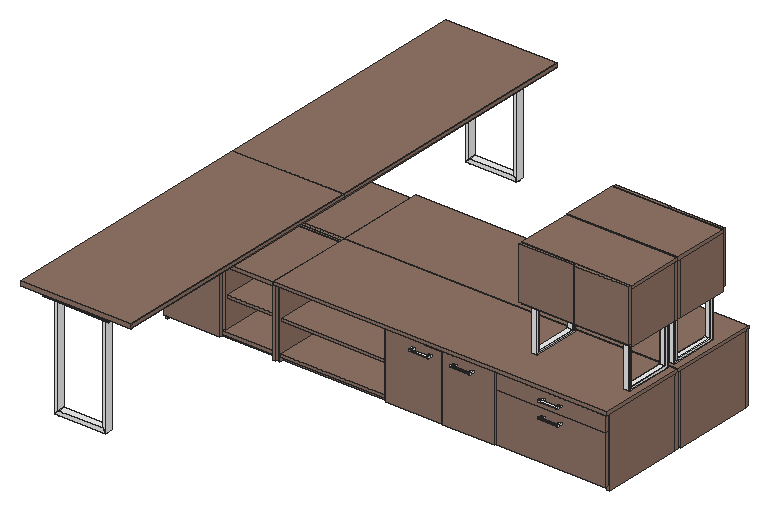
Revit family "VV021family", category Furniture, Revit 2015
Parameters
  Series = "Vision Veneer"
  Manufacturer = "JSI"
  Description = "VV021"
Reference planes (in)
  plane 1 "Center Front/Back": y = 0
  plane 2: z = 0
  plane 3 "Center Left/Right": x = 0
Dimensions and locks (in)
  aligned and locked: level to plane 2
Nested families (in)
  nested 1: "JSI-Vision-Rectangle_Desk_Top" at (-0.2913756, -0.1661543, -0.9857244) x (0, 1, 0) z (0, 0, 1), type "VV3072MCT, Laminate Rectangular Desk Top, 30" x 72""
  nested 2: "JSI-Vision-U_Base_for_Peninsula_Tops" at (14.7555637, 69.3338457, 0) x (0, 1, 0) z (0, 0, 1), type "18US, Stardust Silver U Base for Peninsula Tops, use with 30” deep tops"
  nested 3: "JSI-Vision-Rectangle_Desk_Top" at (-0.2913756, -0.1661543, -0.9857244) x (0, -1, 0) z (0, 0, 1), type "VV3072MCT, Laminate Rectangular Desk Top, 30" x 72""
  nested 4: "JSI-Vision-U_Base_for_Peninsula_Tops" at (14.7555637, -69.6661543, 0) x (0, -1, 0) z (0, 0, 1), type "18US, Stardust Silver U Base for Peninsula Tops, use with 30” deep tops"
  nested 5: "JSI-Vision_Bench_Height_T_Sup" at (36.0171952, -10.9161543, 0), type "VVB1030TSP, Veneer 30  Bench Height T Supports"
    with Width 2' - 5 5/8"
  nested 6: "JSI-Vision_Bench_Height_T_Sup" at (36.0171952, 10.5838457, 0), type "VVB1030TSP, Veneer 30  Bench Height T Supports"
    with Width 2' - 5 5/8"
  nested 7: "JSI-Vision-90_Bench_Configuration" at (29.9530607, 23.7088457, 0), type "VVB-30BF30HD30OS, Veneer 90"W Mod Bnch BF/HD/OS"
    with BF-R no, BF-L yes
  nested 8: "JSI-Vision-90_Bench_Configuration" at (29.9530607, -0.1661543, 0), type "VVB-30OS30HD30BF, Veneer 90"W Mod Bnch OS/HD/BF"
  nested 9: "JSI-Vision-Sld_Door_Modular_Bench_Ped" at (-0.0469393, -0.1661543, 0), type "VVB2430MSD, Veneer Sld Door Modular Bench H Ped"
    with Depth 2' - 0"
  nested 10: "JSI-Vision-Sld_Door_Modular_Bench_Ped" at (-0.0469393, -0.1661543, 0), type "VVB2430MSD, Veneer Sld Door Modular Bench H Ped"
    with Depth 2' - 0"
  nested 11: "JSI-Vision-OH_Cab-27_Post" at (89.9073175, -0.1661543, -10.371782), type "VV1630PSHD-27, Veneer 27"H Post Support Overhead Cab. 16" x 30", 2 Doors"
  nested 12: "JSI-Vision-OH_Cab-27_Post" at (89.9073175, -0.1661543, -10.371782), type "VV1630PSHD-27, Veneer 27"H Post Support Overhead Cab. 16" x 30", 2 Doors"
Definition of nested family "JSI-Vision-Rectangle_Desk_Top"
  Parameters (values of type "VL3072MCT, Laminate Rectangular Desk Top, 30" x 72"")
    Worksurface = none
    Width = 6' - 0"
    URL = "www.jsifurniture.com"
    Type Comments = ""
    Series = "VISION CASEGOODS"  # constant formula
    Model = "VL3072MCT"
    Material = ""
    Manufacturer = "JSI"  # constant formula
    Keynote = "12500"
    JSI Enviromental Website = "http://www.jsifurniture.com/jsi_sustainability_intro.php"
    Height = 2' - 6"
    Description = "Laminate Modular Rectangular Desk Top, 30\" x 72\""
    Depth = 2' - 6"
    Assembly Code = "E2020200"
  Reference planes (in)
    plane 1 "Center Front/Back": y = 0
    plane 2: z = 0
    plane 3 "Center Left/Right": x = 0
    plane 4: z = 0
    plane 5: x = 72
    plane 6: y = -30
    plane 7: z = 31.1875
    plane 8: z = 30
  Forms (in)
    Extrusion 1, solid, material <- "Worksurface"
      sketch origin (0, 0, 28) x (0, 1, 0) y (0, 0, 1)
        loop
          line (-29.8818899, 2) -> (0, 2) -> (0, 3.1875) -> (-29.8818897, 3.1875)
          arc (-29.8818897, 3.1875) -> (-29.9654063, 3.1529063) -> (-30, 3.0693897) r 0.1181103
          line (-30, 3.0693897) -> (-30, 2.1181101)
          arc (-30, 2.1181101) -> (-29.9654064, 2.0345936) -> (-29.8818899, 2) r 0.1181101
      from 0 to 72
  Lines and regions (in)
    symbolic lines
      curve 1: line (0, 0, 0) -> (72, 0, 0)
      curve 2: line (0, -30, 0) -> (0, 0, 0)
      curve 3: line (72, -30, 0) -> (0, -30, 0)
      curve 4: line (72, 0, 0) -> (72, -30, 0)
  Dimensions and locks (in)
    "Depth": plane 6 to plane 1 "Center Front/Back"
    "Width": plane 5 to plane 3 "Center Left/Right"
    locked: plane 7 to plane 8 at 1.1875
    "Height": plane 8 to level
    aligned and locked: level to plane 2
    aligned and locked: plane 5 to Extrusion 1
    aligned and locked: curve 1 to Extrusion 1
    aligned and locked: curve 2 to Extrusion 1
    aligned and locked: curve 3 to plane 6
    aligned and locked: curve 4 to plane 5
    aligned and locked: Extrusion 1 to plane 8
    aligned and locked: Extrusion 1 to plane 7
  Automatic sketch dimensions
    Extrusion 1 sketch curve to plane 6 = 0' - 0"
    level to Extrusion 1 sketch curve = 2' - 6"
    Extrusion 1 sketch curve to plane 7 = 0' - 0"
    Extrusion 1 sketch curve to plane 1 "Center Front/Back" = 0' - 0"
    Extrusion 1 sketch curve to Extrusion 1 sketch curve = 0' - 0.11811"
    plane 6 to Extrusion 1 sketch curve = 0' - 0.11811"
Definition of nested family "JSI-Vision-U_Base_for_Peninsula_Tops"
  Parameters (values of type "U Base for Peninsula Tops - Type Catalog Family")
    Width = 0' - 0"
    URL = "www.jsifurniture.com"
    Type Comments = ""
    Series = "VISION CASEGOODS"  # constant formula
    Model = "18US"
    Material = ""
    Manufacturer = "JSI"  # constant formula
    Keynote = "12500"
    JSI Enviromental Website = "http://www.jsifurniture.com/jsi_sustainability_intro.php"
    Height = 2' - 6"
    Glides = none
    Base Finish = none
    Description = "U Base for Peninsula Tops, use with 30” deep tops, 18US - Stardust Silver"
    Depth-Base = 1' - 6"
    Depth = 0' - 0"
    Assembly Code = "E2020200"
  Reference planes (in)
    plane 1 "Center Front/Back": y = 0
    plane 2: z = 0
    plane 3 "Center Left/Right": x = 0
    plane 4: z = 0
    plane 5: z = 30
    plane 6: x = -2.5
    plane 7: x = 2.5
    plane 8: y = 9
    plane 9: y = -9
  Forms (in)
    Extrusion 1, solid, material <- "Base Finish"
      sketch origin (0, 0, 0) x (1, 0, 0) y (0, 1, 0)
        loop
          line (-2.5, 9) -> (-2.5, -9) -> (2.5, -9) -> (2.5, 9) -> (-2.5, 9)
      from 28.5788029 to 28.8125
    Extrusion 2, solid, material <- "Base Finish"
      sketch origin (0, 0, -0.285264) x (0, 1, 0) y (0, 0, 1)
        loop
          line (-7, 28.8640668) -> (-7, 0.5463125) -> (-6, 1.5463125) -> (-6, 28.8640668) -> (-7, 28.8640668)
        loop
          line (7, 28.8640668) -> (6, 28.8640668) -> (6, 1.5463125) -> (7, 0.5463125) -> (7, 28.8640668)
        loop
          line (-7, 0.535264) -> (7, 0.535264) -> (6, 1.535264) -> (-6, 1.535264) -> (-7, 0.535264)
      from -1 to 1
    Extrusion 3, solid, material <- "Glides", detail levels medium+fine
      sketch origin (0, 0, 0) x (1, 0, 0) y (0, 1, 0)
        loop
          circle (0, 6) r 0.75
      from 0 to 0.25
    Extrusion 4, solid, material <- "Glides", detail levels medium+fine
      sketch origin (0, 0, 0) x (1, 0, 0) y (0, 1, 0)
        loop
          circle (0, -6) r 0.75
      from 0 to 0.25
  Lines and regions (in)
    symbolic lines
      curve 1: line (-2.5, 9, 0) -> (2.5, 9, 0)
      curve 2: line (-2.5, -9, 0) -> (-2.5, 9, 0)
      curve 3: line (2.5, -9, 0) -> (-2.5, -9, 0)
      curve 4: line (2.5, 9, 0) -> (2.5, -9, 0)
      curve 5: line (-1, 7, 0) -> (1, 7, 0)
      curve 6: line (-1, -7, 0) -> (-1, 7, 0)
      curve 7: line (1, -7, 0) -> (-1, -7, 0)
      curve 8: line (1, 7, 0) -> (1, -7, 0)
  Dimensions and locks (in)
    "Height": plane 5 to plane 4
    "Depth-Base": plane 9 to plane 8
    equal spacing: plane 9, plane 1 "Center Front/Back", plane 8
    equal spacing: Extrusion 2, plane 3 "Center Left/Right", Extrusion 2
    Extrusion 2 to Extrusion 2 = 0' - 2"
    locked: plane 8 to Extrusion 2 at 2
    locked: plane 9 to Extrusion 2 at 2
    locked: Extrusion 2 to Extrusion 2 at 1  (x2)
    level to Extrusion 2 = 0' - 0 1/4"
    aligned and locked: level to plane 2
    aligned and locked: plane 8 to Extrusion 1
    aligned and locked: plane 9 to Extrusion 1
    aligned and locked: plane 6 to Extrusion 1  (x2)
    aligned and locked: plane 7 to Extrusion 1  (x2)
    aligned and locked: Extrusion 4 to Extrusion 2
    aligned and locked: Extrusion 3 to Extrusion 2
    aligned and locked: Extrusion 3 to level
    aligned and locked: Extrusion 4 to level
    aligned and locked: Extrusion 2 to Extrusion 1  (x2)
    aligned and locked: curve 1 to Extrusion 1
    aligned and locked: curve 2 to Extrusion 1
    aligned and locked: curve 3 to Extrusion 1
    aligned and locked: curve 4 to Extrusion 1
    aligned and locked: curve 5 to Extrusion 2
    aligned and locked: curve 6 to Extrusion 2
    aligned and locked: curve 7 to Extrusion 2
    aligned and locked: curve 8 to Extrusion 2
  Automatic sketch dimensions
    Extrusion 1 sketch curve to plane 6 = 0' - 0"
    Extrusion 1 sketch curve to plane 7 = 0' - 0"
    plane 9 to Extrusion 1 sketch curve = 0' - 0"
    Extrusion 1 sketch curve to plane 8 = 0' - 0"
    Extrusion 2 sketch curve to Extrusion 2 sketch curve = 0' - 0"  (x4)
    level to Extrusion 2 sketch curve = 0' - 0 1/4"
    Extrusion 2 sketch curve to Extrusion 2 sketch curve = 0' - 0.01105"  (x4)
    Extrusion 2 sketch curve to Extrusion 2 sketch curve = 0' - 0.98895"
    Extrusion 2 sketch curve to plane 5 = 0' - 1.4212"  (x2)
    Extrusion 3 sketch curve to plane 3 "Center Left/Right" = 0' - 0"
    Extrusion 4 sketch curve to plane 3 "Center Left/Right" = 0' - 0"
    Extrusion 2 sketch curve to plane 9 = 0' - 3"
    Extrusion 2 sketch curve to Extrusion 2 sketch curve = 0' - 1"  (x2)
    plane 9 to Extrusion 4 sketch curve = 0' - 3"
    Extrusion 2 sketch curve to plane 8 = 0' - 3"
    Extrusion 3 sketch curve to plane 8 = 0' - 3"
    curve 3 to plane 6 = 0' - 0"
    radius of Extrusion 3 sketch curve = 0' - 0 3/4"
    radius of Extrusion 4 sketch curve = 0' - 0 3/4"
Definition of nested family "JSI-Vision_Bench_Height_T_Sup"
  Parameters (values of type "Bench Height T Support - Type Catalog Family")
    Chassis = none
    Width = 1' - 11 5/8"
    URL = "www.jsifurniture.com"
    Type Comments = ""
    Series = "VISION CASEGOODS"  # constant formula
    Model = "VLB1024TSP"
    Material = ""
    Manufacturer = "JSI"  # constant formula
    Keynote = "12500"
    JSI Enviromental Website = "http://www.jsifurniture.com/jsi_sustainability_intro.php"
    Height = 0' - 8 5/16"
    Grommet Finish = none
    Description = "Bench Height \"T\" Supports, Depth 9 3/4\"”, Width 23 5/8\"”,Height 8 5/16\"”, Laminate Worksurface"
    Depth = 0' - 9 3/4"
    Assembly Code = "E2020200"
  Reference planes (in)
    plane 1: z = 0
    plane 2 "Center (Left/Right)": x = -36.0641344
    plane 3: z = 8.3125
    plane 4: y = 1
    plane 5 "Center (Front/Back)": y = 10.75
    plane 6: x = -24.2516344
    plane 7: x = -12.4391344
    plane 8: z = 6.9211195
    plane 9: y = 10
    plane 10: y = 8
    plane 11: z = 6.875
    plane 12: x = -23.8766344
    plane 13: x = -24.6266344
  Forms (in)
    Extrusion 1, solid, material <- "Chassis"
      sketch origin (0, 10.75, 0) x (1, 0, 0) y (0, 0, 1)
        loop
          line (-36.0641344, 8.3125) -> (-36.0641344, 0) -> (-12.4391344, 0) -> (-12.4391344, 8.3125) -> (-22.2719669, 8.3125) -> (-22.2719669, 7.1711195)
          arc (-22.2719669, 7.1711195) -> (-22.3451902, 6.9943428) -> (-22.5219669, 6.9211195) r 0.25
          line (-22.5219669, 6.9211195) -> (-25.981302, 6.9211195)
          arc (-25.981302, 6.9211195) -> (-26.1580787, 6.9943428) -> (-26.231302, 7.1711195) r 0.25
          line (-26.231302, 7.1711195) -> (-26.231302, 8.3125) -> (-36.0641344, 8.3125)
      from 0 to 0.75
    Extrusion 2, solid, material <- "Chassis"
      sketch origin (-36.0641344, 0, 0) x (0, 1, 0) y (0, 0, 1)
        loop
          line (10, 6.875) -> (8.25, 6.875)
          arc (8.25, 6.875) -> (8.0732233, 6.9482233) -> (8, 7.125) r 0.25
          line (8, 7.125) -> (8, 8.3125) -> (1, 8.3125) -> (1, 0) -> (10, 0) -> (10, 6.875)
      from 11.4375 to 12.1875
  Lines and regions (in)
    symbolic lines
      curve 1: line (-12.4391344, 10.75, 0) -> (-36.0641344, 10.75, 0)
      curve 2: line (-36.0641344, 10.75, 0) -> (-36.0641344, 10, 0)
      curve 3: line (-36.0641344, 10, 0) -> (-12.4391344, 10, 0)
      curve 4: line (-12.4391344, 10, 0) -> (-12.4391344, 10.75, 0)
      curve 5: line (-24.6266344, 10, 0) -> (-24.6266344, 1, 0)
      curve 6: line (-23.8766344, 1, 0) -> (-23.8766344, 10, 0)
      curve 7: line (-24.6266344, 1, 0) -> (-23.8766344, 1, 0)
  Dimensions and locks (in)
    "Height": plane 3 to level
    "Depth": plane 5 "Center (Front/Back)" to plane 4
    equal spacing: plane 2 "Center (Left/Right)", plane 6, plane 7
    "Width": plane 2 "Center (Left/Right)" to plane 7
    locked: plane 3 to plane 8 at 1.3913805
    locked: plane 5 "Center (Front/Back)" to plane 9 at 0.75
    locked: plane 3 to plane 11 at 1.4375
    locked: plane 5 "Center (Front/Back)" to plane 10 at 2.75
    plane 12 to plane 6 to plane 13 = 0' - 0 3/8" locked, 0' - 0 3/8" locked
    Extrusion 1 sketch curve to plane 6 to Extrusion 1 sketch curve = 0' - 1.97967" locked, 0' - 1.97967" locked
    locked: nested 1 to plane 6 at 1.8900002
    aligned and locked: level to plane 1
    aligned and locked: plane 8 to Extrusion 1 sketch curve
    aligned and locked: plane 3 to Extrusion 1 sketch curve
    aligned and locked: Extrusion 1 sketch curve to plane 3
    aligned and locked: Extrusion 1 sketch curve to plane 2 "Center (Left/Right)"
    aligned and locked: Extrusion 1 sketch curve to plane 7
    aligned and locked: Extrusion 1 sketch curve to level
    aligned and locked: Extrusion 1 to plane 9
    aligned and locked: Extrusion 1 to plane 5 "Center (Front/Back)"
    aligned and locked: Extrusion 2 sketch curve to plane 9
    aligned and locked: Extrusion 2 sketch curve to plane 3
    aligned and locked: plane 4 to Extrusion 2 sketch curve
    aligned and locked: level to Extrusion 2 sketch curve
    aligned and locked: Extrusion 2 sketch curve to plane 10
    aligned and locked: Extrusion 2 sketch curve to plane 11
    aligned and locked: plane 12 to Extrusion 2
    aligned and locked: Extrusion 2 to plane 13
    aligned and locked: curve 1 to Extrusion 1
    aligned and locked: curve 2 to Extrusion 1
    aligned and locked: curve 3 to Extrusion 1
    aligned and locked: curve 4 to Extrusion 1
    aligned and locked: curve 5 to Extrusion 2
    aligned and locked: curve 6 to Extrusion 2
    aligned and locked: curve 7 to Extrusion 2
    aligned and locked: plane 3 to nested 1
  Automatic sketch dimensions
    Extrusion 2 sketch curve to Extrusion 2 sketch curve = 0' - 0 1/4"
    Extrusion 1 sketch curve to Extrusion 1 sketch curve = 0' - 0 1/4"  (x2)
    curve 1 to plane 2 "Center (Left/Right)" = 0' - 0"
    plane 5 "Center (Front/Back)" to curve 1 = 0' - 0"
    curve 1 to plane 7 = 0' - 0"
    curve 2 to plane 9 = 0' - 0"
    curve 5 to plane 13 = 0' - 0"
    curve 6 to plane 4 = 0' - 0"
    curve 6 to plane 12 = 0' - 0"
  Nested families (in)
    nested 1: "Side Grommet" at (-24.2516344, 10.7500008, 6.9036998) x (0, -1, 0) z (0, 0, 1), Gromett Finish <- "Grommet Finish", type "Side Grommet"
      with Gromett Finish none
  Definition of nested family "Side Grommet"
    Parameters
      Gromett Finish [instance] = none
    Reference planes (in)
      plane 1 "Center Front/Back": y = 0
      plane 2: z = 0
      plane 3 "Center Left/Right": x = 0
      plane 4: x = -0.0499992
      plane 5: x = 0.8125
    Forms (in)
      Sweep 1, solid, material <- "Gromett Finish"
        path origin (0, 0, 0) x (0, 1, 0) y (0, 0, 1)
          loop
            line (2.0937501, 1.4088002) -> (2.0937501, 0.2762508)
            arc (2.0937501, 0.2762508) -> (1.9853793, 0.0146207) -> (1.7237492, -0.09375) r 0.3700008
            line (1.7237492, -0.09375) -> (-1.7237501, -0.09375)
            arc (-1.7237501, -0.09375) -> (-1.9853796, 0.0146205) -> (-2.0937501, 0.27625) r 0.37
            line (-2.0937501, 0.27625) -> (-2.0937501, 1.4088002)
        profile origin (0, 2.0937501, 0.8425255) x (1, 0, 0) y (0, 1, 0)
          loop
            arc (0, 0) -> (-0.0352472, -0.0135301) -> (-0.0499992, -0.0482837) r 0.0483131
            line (-0.0499992, -0.0482837) -> (-0.0499992, -0.2037499) -> (0, -0.2037499) -> (0, 0)
      Extrusion 2, solid, material <- "Gromett Finish"
        sketch origin (0, 0, 0) x (0, 1, 0) y (0, 0, 1)
          loop
            line (1.8743999, 1.2994499) -> (-1.87435, 1.2994499) -> (-1.87435, 0.3095608)
            arc (-1.87435, 0.3095608) -> (-1.8194325, 0.1769783) -> (-1.68685, 0.1220608) r 0.1875
            line (-1.68685, 0.1220608) -> (-1.37435, 0.1220608) -> (-1.37435, 0.8720055)
            arc (-1.37435, 0.8720055) -> (-1.3377384, 0.9603938) -> (-1.2493501, 0.9970054) r 0.125
            line (-1.2493501, 0.9970054) -> (1.2493999, 0.9970054)
            arc (1.2493999, 0.9970054) -> (1.3377883, 0.9603938) -> (1.3743999, 0.8720054) r 0.1250001
            line (1.3743999, 0.8720054) -> (1.3743999, 0.1220608) -> (1.6868999, 0.1220608)
            arc (1.6868999, 0.1220608) -> (1.8194824, 0.1769783) -> (1.8743999, 0.3095608) r 0.1875
            line (1.8743999, 0.3095608) -> (1.8743999, 1.2994499)
          loop
            line (1.3504, 0.1220608) -> (1.3504, 0.8720608)
            arc (1.3504, 0.8720608) -> (1.3208178, 0.9434785) -> (1.2494001, 0.9730606) r 0.1009998
            line (1.2494001, 0.9730606) -> (-1.2493501, 0.9730606)
            arc (-1.2493501, 0.9730606) -> (-1.3207677, 0.9434785) -> (-1.3503499, 0.8720608) r 0.1009998
            line (-1.3503499, 0.8720608) -> (-1.3503499, 0.1220608) -> (-0.2499752, 0.1220608) -> (-0.2499752, 0.3720608)
            arc (-0.2499752, 0.3720608) -> (0.0000249, 0.6220609) -> (0.250025, 0.3720608) r 0.2500001
            line (0.250025, 0.3720608) -> (0.250025, 0.1220608) -> (1.3504, 0.1220608)
        from -0.0499992 to 0
      Extrusion 3, solid, material <- "Gromett Finish"
        sketch origin (0, 0, 0) x (0, 1, 0) y (0, 0, 1)
          loop
            line (-1.8900002, 1.4088002) -> (-1.8900002, 1.3150502) -> (1.8900002, 1.3150502) -> (1.8900002, 1.4088002) -> (-1.8900002, 1.4088002)
        from -0.0499992 to 0.8125
    Dimensions and locks (in)
      aligned and locked: level to plane 2
      aligned and locked: plane 4 to Sweep 1
      aligned and locked: plane 4 to Extrusion 2
      aligned and locked: plane 3 "Center Left/Right" to Extrusion 2
      aligned and locked: Sweep 1 to Extrusion 3 sketch curve
      aligned and locked: Extrusion 3 sketch curve to Sweep 1
      aligned and locked: plane 4 to Extrusion 3
      aligned and locked: Extrusion 3 to plane 5
Definition of nested family "JSI-Vision-90_Bench_Configuration"
  Parameters (values of type "VLB-30OS30HD30BF, Laminate 90"W Mod Bnch OS/HD/BF")
    Width = 7' - 6"
    URL = "www.jsifurniture.com"
    Top = none
    Tag = "OS-HD-BF"
    Shelf Height = 0' - 8.48844"
    Series = "VISION CASEGOODS"  # constant formula
    Sdr-R = no
    Sdr-L = no
    Sdr-C = yes
    Pull Finish = none
    Model = "VLB-30OS30HD30BF"
    Manufacturer = "JSI"  # constant formula
    Keynote = "12500"
    JSI Enviromental Website = "http://www.jsifurniture.com/jsi_sustainability_intro.php"
    Height = 1' - 7 1/2"
    F-R = no
    F-L = no
    F-C = no
    Drawer Front = none
    Door-R = no
    Door-C = yes
    Door Front = none
    Door-L = no
    Description = "90\"W Modular Bench Height, OS/HD/BF"
    Depth = 2' - 0"
    Chassis = none
    BF-R = yes
    BF-L = no
    Assembly Code = "E2020200"
  Types (2): name | Tag | Model | Description | BF-R | BF-L
    VLB-30OS30HD30BF, Laminate 90"W Mod Bnch OS/HD/BF | "OS-HD-BF" | "VLB-30OS30HD30BF" | "90\"W Modular Bench Height, OS/HD/BF" | yes | no
    VLB-30BF30HD30OS, Laminate 90"W Mod Bnch BF/HD/OS | "BF-HD-OS" | "VLB-30BF30HD30OS" | "90\"W Modular Bench Height, BF/HD/OS" | no | yes
  Reference planes (in)
    plane 1 "Center Front/Back": y = 0
    plane 2: z = 0
    plane 3 "Center Left/Right": x = 0
    plane 4: x = 90
    plane 5: x = 0.1871643
    plane 6: x = 89.8124352
    plane 7: z = 10.425935
    plane 8: z = 19.5
    plane 9: x = 0.75
    plane 10: x = 89.125999
    plane 11: y = -0.8125
    plane 12: y = -23.25
    plane 13: x = 30
    plane 14: z = 18.75
    plane 15: z = 18.6409016
    plane 16: z = 9.675935
    plane 17: z = 1.9374999
    plane 18: z = 1.1874999
    plane 19: y = -23
    plane 20: y = -24
    plane 21: x = 29.25
    plane 22: y = -21.1875
    plane 23: y = -21.9375
    plane 24: z = 1
    plane 25: z = 16.6409016
    plane 26: z = 12.3909016
    plane 27: x = 14.9685822
    plane 28: x = 30.75
    plane 29: x = 29.75
    plane 30: x = 60.25
    plane 31: z = 13.625
    plane 32: z = 11.625
    plane 33: x = 75.0312176
    plane 34: x = 14.8435822
    plane 35: x = 15.0935822
    plane 36: x = 9.3435822
    plane 37: x = 20.5935822
    plane 38: x = 75.1564178
    plane 39: x = 74.9064178
    plane 40: x = 80.6564178
    plane 41: x = 69.4064178
    plane 42: y = -22.75
    plane 43: y = -22.875
    plane 44: x = 60
    plane 45: x = 60.75
    plane 46: x = 59.25
    plane 47: x = 60.25
    plane 48: x = 45.6350365
    plane 49: x = 40.0100365
    plane 50: x = 51.2600365
    plane 51: x = 45.5100365
    plane 52: x = 45.7600365
    plane 53: x = 30.25
    plane 54: x = 59.75
  Forms (in)
    Extrusion 1, solid, material <- "Chassis"
      sketch origin (0, 0, 0) x (1, 0, 0) y (0, 1, 0)
        loop
          line (0, 0) -> (0, -0.8125) -> (90, -0.8125) -> (90, 0) -> (0, 0)
      from 0 to 18.75
    Extrusion 2, solid, material <- "Chassis"
      sketch origin (0.125, -0.1875, 48) x (0, 1, 0) y (0, 0, 1)
        loop
          line (-0.625, -29.25) -> (-22.6875, -29.25) -> (-22.6875, -48) -> (-0.625, -48) -> (-0.625, -29.25)
      from -0.125 to 0.625
    Extrusion 3, solid, material <- "Chassis"
      sketch origin (29.875, -0.1875, 48) x (0, 1, 0) y (0, 0, 1)
        loop
          line (-0.625, -29.25) -> (-22.6875, -29.25) -> (-22.6875, -48) -> (-0.625, -48) -> (-0.625, -29.25)
      from 59.250999 to 60.125
    Extrusion 4, solid, material <- "Chassis"
      sketch origin (0, 0, 0) x (1, 0, 0) y (0, 1, 0)
        loop
          line (0.75, -21.1875) -> (0.75, -21.9375) -> (89.125999, -21.9375) -> (89.125999, -21.1875) -> (0.75, -21.1875)
      from 0 to 1.1874999
    Extrusion 5, solid, material <- "Top"
      sketch origin (0, 0, 0) x (0, 1, 0) y (0, 0, 1)
        loop
          line (0, 18.75) -> (0, 19.5) -> (-24, 19.5) -> (-24, 18.75) -> (0, 18.75)
      from 0 to 90
    Extrusion 6, solid, material <- "Chassis"
      sketch origin (0, 0, 0) x (0, 1, 0) y (0, 0, 1)
        loop
          line (-0.8125, 18.1697085) -> (-0.8125, 18.75) -> (-23.25, 18.75) -> (-23.25, 18.1697085) -> (-0.8125, 18.1697085)
        loop
          line (-0.8125, 1.1874999) -> (-0.8125, 1.9374999) -> (-23, 1.9374999) -> (-23, 1.1874999) -> (-0.8125, 1.1874999)
      from 0.75 to 89.125999
    Extrusion 7, solid, material <- "Door Front", visible <- "Sdr-L"
      sketch origin (0, 0, 0) x (0, 1, 0) y (0, 0, 1)
        loop
          line (-23.25, 1) -> (-23.25, 18.6409016) -> (-24, 18.6409016) -> (-24, 1) -> (-23.25, 1)
      from 0.1871643 to 14.8435822
    Extrusion 8, solid, material <- "Chassis"
      sketch origin (0, 0, 0) x (0, 1, 0) y (0, 0, 1)
        loop
          line (-0.8125, 9.675935) -> (-0.8125, 10.425935) -> (-22.75, 10.425935) -> (-22.75, 9.675935) -> (-0.8125, 9.675935)
      from 0.75 to 29.25
    Extrusion 9, solid, material <- "Chassis"
      sketch origin (0, 0, 0) x (0, 1, 0) y (0, 0, 1)
        loop
          line (-0.8125, 18.1697085) -> (-23.25, 18.1697085) -> (-23.25, 1.9374999) -> (-0.8125, 1.9374999) -> (-0.8125, 18.1697085)
      from 29.25 to 30
    Extrusion 10, solid, material <- "Chassis"
      sketch origin (30, 0, 0) x (0, 1, 0) y (0, 0, -1)
        loop
          line (-0.8125, -9.675935) -> (-22.75, -9.675935) -> (-22.75, -10.425935) -> (-0.8125, -10.425935) -> (-0.8125, -9.675935)
      from -59.125999 to -30.75
    Extrusion 11, solid, material <- "Drawer Front", visible <- "BF-L"
      sketch origin (0, -24, 0.625) x (0, 0, 1) y (-1, 0, 0)
        loop
          line (18.0159016, -0.1871643) -> (13.8909016, -0.1871643) -> (13.8909016, -29.75) -> (18.0159016, -29.75) -> (18.0159016, -0.1871643)
        loop
          line (0.5624999, -0.1871643) -> (0.5624999, -29.75) -> (13.7659016, -29.75) -> (13.7659016, -0.1871643) -> (0.5624999, -0.1871643)
      from -0.75 to 0
    Extrusion 12, solid, material <- "Chassis"
      sketch origin (60, 0, 0) x (0, 1, 0) y (0, 0, -1)
        loop
          line (-0.8125, -18.1697085) -> (-0.8125, -1.9374999) -> (-23.25, -1.9374999) -> (-23.25, -18.1697085) -> (-0.8125, -18.1697085)
      from 29.25 to 30
    Extrusion 13, solid, material <- "Drawer Front", visible <- "BF-R"
      sketch origin (60, -24, 0.625) x (0, 0, 1) y (-1, 0, 0)
        loop
          line (18.0159016, -29.8124352) -> (18.0159016, -0.25) -> (13.8909016, -0.25) -> (13.8909016, -29.8124352) -> (18.0159016, -29.8124352)
        loop
          line (0.5624999, -29.8124352) -> (13.7659016, -29.8124352) -> (13.7659016, -0.25) -> (0.5624999, -0.25) -> (0.5624999, -29.8124352)
      from -0.75 to 0
    Extrusion 14, solid, material <- "Drawer Front", visible <- "F-L"
      sketch origin (0, -24, 0.625) x (0, 0, 1) y (-1, 0, 0)
        loop
          line (0.375, -0.1871643) -> (0.375, -29.75) -> (13, -29.75) -> (13, -0.1871643) -> (0.375, -0.1871643)
      from -0.75 to 0
    Extrusion 15, solid, material <- "Drawer Front", visible <- "F-R"
      sketch origin (60, -24, 0.625) x (0, 0, 1) y (-1, 0, 0)
        loop
          line (0.375, -29.8124352) -> (13, -29.8124352) -> (13, -0.25) -> (0.375, -0.25) -> (0.375, -29.8124352)
      from -0.75 to 0
    Extrusion 16, solid, material <- "Door Front", visible <- "Door-L"
      sketch origin (29.9371643, 0, 0) x (0, 1, 0) y (0, 0, -1)
        loop
          line (-23.25, -1) -> (-24, -1) -> (-24, -18.6409016) -> (-23.25, -18.6409016) -> (-23.25, -1)
      from 0.1871643 to 14.8435822
    Extrusion 17, solid, material <- "Door Front", visible <- "Door-R"
      sketch origin (60, 0, 0) x (0, 1, 0) y (0, 0, -1)
        loop
          line (-23.25, -1) -> (-24, -1) -> (-24, -18.6409016) -> (-23.25, -18.6409016) -> (-23.25, -1)
      from -29.8124352 to -15.1564178
    Extrusion 18, solid, material <- "Door Front", visible <- "Sdr-R"
      sketch origin (30.0628357, 0, 0) x (0, 1, 0) y (0, 0, 1)
        loop
          line (-23.25, 1) -> (-23.25, 18.6409016) -> (-24, 18.6409016) -> (-24, 1) -> (-23.25, 1)
      from 30.1871643 to 44.8435822
    Extrusion 19, solid, material <- "Chassis"
      sketch origin (90, 0, 0) x (0, 1, 0) y (0, 0, -1)
        loop
          line (-0.8125, -18.1697085) -> (-0.8125, -1.9374999) -> (-23.25, -1.9374999) -> (-23.25, -18.1697085) -> (-0.8125, -18.1697085)
      from 29.25 to 30
    Extrusion 20, solid, material <- "Chassis"
      sketch origin (30, 0, 0) x (0, 1, 0) y (0, 0, 1)
        loop
          line (-0.8125, 18.1697085) -> (-23.25, 18.1697085) -> (-23.25, 1.9374999) -> (-0.8125, 1.9374999) -> (-0.8125, 18.1697085)
      from 29.25 to 30
    Extrusion 21, solid, material <- "Chassis"
      sketch origin (90, 0, 0) x (0, 1, 0) y (0, 0, 1)
        loop
          line (-0.8125, 9.675935) -> (-0.8125, 10.425935) -> (-22.75, 10.425935) -> (-22.75, 9.675935) -> (-0.8125, 9.675935)
      from -59.25 to -30.75
    Extrusion 22, solid, material <- "Door Front", visible <- "Sdr-C"
      sketch origin (0, 0, 0) x (0, 1, 0) y (0, 0, 1)
        loop
          line (-23.25, 1) -> (-23.25, 18.6409016) -> (-24, 18.6409016) -> (-24, 1) -> (-23.25, 1)
      from 30.25 to 45.5100365
    Extrusion 23, solid, material <- "Door Front", visible <- "Door-C"
      sketch origin (29.9371643, 0, 0) x (0, 1, 0) y (0, 0, -1)
        loop
          line (-23.25, -1) -> (-24, -1) -> (-24, -18.6409016) -> (-23.25, -18.6409016) -> (-23.25, -1)
      from -29.8128357 to -15.8228722
    Extrusion 24, solid, material <- "Drawer Front", visible <- "F-C"
      sketch origin (30.2914543, -24, 0.625) x (0, 0, 1) y (-1, 0, 0)
        loop
          line (0.375, 0.0414543) -> (0.375, -29.4585457) -> (13, -29.4585457) -> (13, 0.0414543) -> (0.375, 0.0414543)
      from -0.75 to 0
  Lines and regions (in)
    symbolic lines
      curve 1: line (0, 0, 0) -> (90, 0, 0)
      curve 2: line (0, -23.875, 0) -> (0, 0, 0)
      curve 3: line (90, -23.875, 0) -> (0, -23.875, 0)
      curve 4: line (90, 0, 0) -> (90, -23.875, 0)
  Dimensions and locks (in)
    "Height": plane 8 to level
    plane 15 to plane 14 to plane 8 = 0' - 0.1091" locked, 0' - 0 3/4" locked
    plane 10 to plane 6 to plane 4 = 0' - 0.68644" locked, 0' - 0.18756" locked
    plane 3 "Center Left/Right" to plane 5 to plane 9 = 0' - 0.18716" locked, 0' - 0.56284" locked
    "Width": plane 3 "Center Left/Right" to plane 4
    locked: plane 1 "Center Front/Back" to plane 11 at 0.8125
    plane 17 to plane 18 to level = 0' - 0 3/4" locked, 0' - 1 3/16" locked
    "Depth": plane 1 "Center Front/Back" to plane 20
    locked: plane 24 to level at 1
    Extrusion 11 sketch curve to Extrusion 11 sketch curve to Extrusion 11 sketch curve to Extrusion 11 sketch curve = 0' - 4 1/8" locked, 0' - 0 1/8" locked, 1' - 1.2034" locked
    locked: plane 15 to plane 25 at 2
    Extrusion 13 sketch curve to Extrusion 13 sketch curve to Extrusion 13 sketch curve to Extrusion 13 sketch curve = 0' - 4 1/8" locked, 0' - 0 1/8" locked, 1' - 1.2034" locked
    locked: plane 7 to plane 16 at 0.75
    "Shelf Height": plane 7 to plane 17
    locked: Extrusion 14 sketch curve to Extrusion 11 at 12.4375001
    locked: plane 31 to plane 32 at 2
    equal spacing: plane 30, plane 33, plane 6
    plane 35 to plane 27 to plane 34 = 0' - 0 1/8" locked, 0' - 0 1/8" locked
    locked: plane 34 to plane 36 at 5.5
    locked: plane 35 to plane 37 at 5.5
    locked: plane 38 to plane 40 at 5.5
    locked: plane 39 to plane 41 at 5.5
    plane 38 to plane 33 to plane 39 = 0' - 0.1252" locked, 0' - 0.1248" locked
    equal spacing: plane 5, plane 27, plane 29
    plane 22 to plane 23 to plane 42 to plane 43 to plane 19 to plane 12 to plane 20 = 0' - 0 3/4" locked, 0' - 0 13/16" locked, 0' - 0 1/8" locked, 0' - 0 1/8" locked, 0' - 0 1/4" locked, 0' - 0 3/4" locked
    locked: plane 30 to plane 4 at 29.75
    locked: plane 29 to plane 3 "Center Left/Right" at 29.75
    equal spacing: plane 4, plane 44, plane 13, plane 3 "Center Left/Right"
    plane 52 to plane 48 to plane 51 = 0' - 0 1/8" locked, 0' - 0 1/8" locked
    locked: plane 51 to plane 49 at 5.5
    locked: plane 52 to plane 50 at 5.5
    locked: plane 13 to plane 53 at 0.25
    locked: plane 44 to plane 54 at 0.25
    aligned and locked: level to plane 2
    aligned and locked: Extrusion 1 sketch curve to plane 11
    aligned and locked: plane 11 to Extrusion 2 sketch curve
    aligned and locked: Extrusion 2 sketch curve to level
    aligned and locked: Extrusion 3 sketch curve to plane 11
    aligned and locked: level to Extrusion 3 sketch curve
    aligned and locked: plane 9 to Extrusion 4 sketch curve
    aligned and locked: plane 14 to Extrusion 1
    aligned and locked: Extrusion 1 to plane 1 "Center Front/Back"
    aligned and locked: plane 3 "Center Left/Right" to curve 2
    aligned and locked: Extrusion 1 to plane 3 "Center Left/Right"
    aligned and locked: plane 1 "Center Front/Back" to curve 1
    aligned and locked: plane 4 to Extrusion 1
    aligned and locked: curve 4 to plane 4
    aligned and locked: Extrusion 5 sketch curve to plane 1 "Center Front/Back"
    aligned and locked: plane 8 to Extrusion 5 sketch curve
    aligned and locked: Extrusion 5 sketch curve to plane 14
    aligned and locked: plane 11 to Extrusion 6 sketch curve  (x2)
    aligned and locked: plane 14 to Extrusion 6 sketch curve
    aligned and locked: Extrusion 6 sketch curve to plane 12
    aligned and locked: plane 17 to Extrusion 6 sketch curve
    aligned and locked: Extrusion 6 sketch curve to plane 18
    aligned and locked: Extrusion 3 to plane 10
    aligned and locked: plane 4 to Extrusion 3
    aligned and locked: plane 20 to nested 1
    aligned and locked: plane 4 to Extrusion 5
    aligned and locked: plane 18 to Extrusion 4
    aligned and locked: plane 22 to Extrusion 4
    aligned and locked: Extrusion 4 to plane 23
    aligned and locked: Extrusion 5 to plane 20
    aligned and locked: Extrusion 7 sketch curve to plane 15
    aligned and locked: plane 12 to Extrusion 7 sketch curve
    aligned and locked: Extrusion 7 sketch curve to plane 20
    aligned and locked: Extrusion 6 to plane 19
    aligned and locked: plane 11 to Extrusion 8 sketch curve
    aligned and locked: plane 7 to Extrusion 8 sketch curve
    aligned and locked: Extrusion 8 sketch curve to plane 16
    aligned and locked: Extrusion 8 to plane 9
    aligned and locked: Extrusion 8 to plane 21
    aligned and locked: Extrusion 6 to Extrusion 9 sketch curve
    aligned and locked: plane 17 to Extrusion 9 sketch curve
    aligned and locked: Extrusion 9 sketch curve to plane 11
    aligned and locked: plane 21 to Extrusion 9
    aligned and locked: Extrusion 10 to plane 7
    aligned and locked: plane 16 to Extrusion 10
    aligned and locked: plane 10 to Extrusion 10
    aligned and locked: plane 11 to Extrusion 10
    aligned and locked: Extrusion 10 to Extrusion 8
    aligned and locked: plane 10 to Extrusion 6
    aligned and locked: Extrusion 11 sketch curve to Extrusion 11 sketch curve  (x2)
    aligned and locked: plane 12 to Extrusion 11
    aligned and locked: Extrusion 11 to plane 20
    aligned and locked: plane 24 to Extrusion 7
    aligned and locked: plane 28 to Extrusion 12
    aligned and locked: plane 13 to Extrusion 12
    aligned and locked: plane 29 to Extrusion 11  (x4)
    aligned and locked: plane 5 to Extrusion 11
    aligned and locked: Extrusion 13 sketch curve to Extrusion 13 sketch curve  (x2)
    aligned and locked: plane 30 to Extrusion 13
    aligned and locked: Extrusion 13 to plane 6
    aligned and locked: plane 24 to Extrusion 14 sketch curve
    aligned and locked: Extrusion 14 sketch curve to plane 5
    aligned and locked: Extrusion 14 sketch curve to plane 29
    aligned and locked: plane 12 to Extrusion 14
    aligned and locked: Extrusion 14 to plane 20
    aligned and locked: Extrusion 9 to plane 13
    aligned and locked: plane 31 to Extrusion 14
    aligned and locked: nested 2 to plane 27
    aligned and locked: plane 25 to nested 2
    aligned and locked: nested 3 to plane 27
    aligned and locked: plane 26 to nested 3
    aligned and locked: plane 32 to nested 4
    aligned and locked: nested 4 to plane 27
    aligned and locked: nested 2 to plane 20
    aligned and locked: nested 3 to plane 20
    aligned and locked: nested 4 to plane 20
    aligned and locked: plane 33 to nested 5
    aligned and locked: plane 33 to nested 6
    aligned and locked: plane 33 to nested 7
    aligned and locked: plane 25 to nested 5
    aligned and locked: plane 26 to nested 6
    aligned and locked: plane 32 to nested 7
    aligned and locked: plane 20 to nested 5
    aligned and locked: plane 20 to nested 6
    aligned and locked: plane 20 to nested 7
    aligned and locked: Extrusion 7 to plane 34
    aligned and locked: plane 35 to Extrusion 16
    aligned and locked: Extrusion 16 to plane 15
    aligned and locked: plane 12 to Extrusion 16
    aligned and locked: Extrusion 16 to plane 20
    aligned and locked: plane 25 to nested 8
    aligned and locked: nested 8 to plane 36
    aligned and locked: nested 9 to plane 37
    aligned and locked: nested 9 to plane 25
    aligned and locked: nested 10 to plane 40
    aligned and locked: nested 11 to plane 41
    aligned and locked: Extrusion 18 to plane 39
    aligned and locked: plane 38 to Extrusion 17
    aligned and locked: plane 30 to Extrusion 18
    aligned and locked: Extrusion 17 to plane 6
    aligned and locked: Extrusion 17 to plane 15
    aligned and locked: plane 24 to Extrusion 17
    aligned and locked: plane 12 to Extrusion 17
    aligned and locked: Extrusion 17 to plane 20
    aligned and locked: plane 12 to Extrusion 18
    aligned and locked: Extrusion 18 to plane 20
    aligned and locked: Extrusion 18 to plane 15
    aligned and locked: plane 24 to Extrusion 18
    aligned and locked: plane 30 to Extrusion 15
    aligned and locked: Extrusion 15 to plane 6
    aligned and locked: plane 29 to Extrusion 16
    aligned and locked: Extrusion 9 to plane 12
    aligned and locked: Extrusion 12 to plane 12
    aligned and locked: Extrusion 8 to plane 42
    aligned and locked: Extrusion 2 to plane 43
    aligned and locked: Extrusion 3 to plane 43
    aligned and locked: plane 45 to Extrusion 19
    aligned and locked: plane 46 to Extrusion 20
    aligned and locked: Extrusion 20 to plane 44
    aligned and locked: plane 44 to Extrusion 19
    aligned and locked: Extrusion 10 to plane 45
    aligned and locked: Extrusion 21 to plane 28
    aligned and locked: Extrusion 21 to plane 46
    aligned and locked: plane 11 to Extrusion 21
    aligned and locked: Extrusion 21 to plane 42
    aligned and locked: Extrusion 21 to plane 7
    aligned and locked: nested 12 to plane 49
    aligned and locked: nested 13 to plane 50
    aligned and locked: Extrusion 22 to plane 51
    aligned and locked: plane 52 to Extrusion 23
    aligned and locked: plane 53 to Extrusion 22
    aligned and locked: plane 54 to Extrusion 23
    aligned and locked: plane 53 to Extrusion 24
    aligned and locked: plane 31 to Extrusion 24
    aligned and locked: Extrusion 24 to plane 24
    aligned and locked: plane 54 to Extrusion 24
    aligned and locked: nested 1 to plane 48
  Automatic sketch dimensions
    plane 20 to curve 4 = 0' - 0 1/8"
    Extrusion 1 sketch curve to plane 3 "Center Left/Right" = 0' - 0"
    Extrusion 1 sketch curve to plane 4 = 0' - 0"
    plane 1 "Center Front/Back" to Extrusion 1 sketch curve = 0' - 0"
    Extrusion 2 sketch curve to plane 14 = 0' - 0"
    Extrusion 2 sketch curve to plane 43 = 0' - 0"
    Extrusion 3 sketch curve to plane 14 = 0' - 0"
    Extrusion 3 sketch curve to plane 43 = 0' - 0"
    Extrusion 4 sketch curve to plane 10 = 0' - 0"
    Extrusion 4 sketch curve to plane 23 = 0' - 0"
    Extrusion 4 sketch curve to plane 22 = 0' - 0"
    Extrusion 5 sketch curve to plane 20 = 0' - 0"
    Extrusion 6 sketch curve to plane 19 = 0' - 0"
    plane 15 to Extrusion 6 sketch curve = 0' - 0.47119"
    Extrusion 7 sketch curve to plane 24 = 0' - 0"
    Extrusion 8 sketch curve to plane 42 = 0' - 0"
    Extrusion 9 sketch curve to plane 12 = 0' - 0"
    Extrusion 10 sketch curve to plane 16 = 0' - 0"
    Extrusion 10 sketch curve to plane 42 = 0' - 0"
    Extrusion 10 sketch curve to plane 7 = 0' - 0"
    Extrusion 10 sketch curve to plane 11 = 0' - 0"
    plane 5 to Extrusion 11 sketch curve = 0' - 0"
    Extrusion 11 sketch curve to plane 18 = 0' - 0"
    Extrusion 11 sketch curve to plane 29 = 0' - 0"
    Extrusion 12 sketch curve to plane 12 = 0' - 0"
    Extrusion 12 sketch curve to plane 11 = 0' - 0"
    Extrusion 12 sketch curve to plane 17 = 0' - 0"
    plane 15 to Extrusion 12 sketch curve = 0' - 0.47119"
    plane 6 to Extrusion 13 sketch curve = 0' - 0"
    Extrusion 13 sketch curve to plane 18 = 0' - 0"
    plane 30 to Extrusion 13 sketch curve = 0' - 0"
    Extrusion 11 to Extrusion 15 sketch curve = 0' - 0 3/16"
    Extrusion 15 sketch curve to Extrusion 11 = 0' - 0.7659"
    Extrusion 11 to Extrusion 15 sketch curve = 5' - 0.06244"
    Extrusion 15 sketch curve to Extrusion 15 sketch curve = 2' - 5.56244"
    Extrusion 16 sketch curve to plane 20 = 0' - 0"
    Extrusion 16 sketch curve to plane 12 = 0' - 0"
    plane 15 to Extrusion 16 sketch curve = 0' - 0"
    plane 24 to Extrusion 16 sketch curve = 0' - 0"
    Extrusion 17 sketch curve to plane 20 = 0' - 0"
    Extrusion 17 sketch curve to plane 12 = 0' - 0"
    plane 15 to Extrusion 17 sketch curve = 0' - 0"
    plane 24 to Extrusion 17 sketch curve = 0' - 0"
    Extrusion 18 sketch curve to plane 20 = 0' - 0"
    Extrusion 18 sketch curve to plane 12 = 0' - 0"
    Extrusion 18 sketch curve to plane 24 = 0' - 0"
    plane 15 to Extrusion 18 sketch curve = 0' - 0"
    Extrusion 19 sketch curve to plane 12 = 0' - 0"
    Extrusion 19 sketch curve to plane 11 = 0' - 0"
    Extrusion 19 sketch curve to plane 17 = 0' - 0"
    plane 15 to Extrusion 19 sketch curve = 0' - 0.47119"
    Extrusion 20 sketch curve to plane 12 = 0' - 0"
    Extrusion 20 sketch curve to plane 11 = 0' - 0"
    Extrusion 20 sketch curve to plane 17 = 0' - 0"
    plane 15 to Extrusion 20 sketch curve = 0' - 0.47119"
    Extrusion 21 sketch curve to plane 16 = 0' - 0"
    Extrusion 21 sketch curve to plane 42 = 0' - 0"
    plane 7 to Extrusion 21 sketch curve = 0' - 0"
    Extrusion 21 sketch curve to plane 11 = 0' - 0"
    Extrusion 22 sketch curve to plane 20 = 0' - 0"
    Extrusion 22 sketch curve to plane 12 = 0' - 0"
    Extrusion 22 sketch curve to plane 24 = 0' - 0"
    plane 15 to Extrusion 22 sketch curve = 0' - 0"
    Extrusion 23 sketch curve to plane 20 = 0' - 0"
    Extrusion 23 sketch curve to plane 12 = 0' - 0"
    plane 15 to Extrusion 23 sketch curve = 0' - 0"
    plane 24 to Extrusion 23 sketch curve = 0' - 0"
    Extrusion 11 to Extrusion 24 sketch curve = 0' - 0 3/16"
    Extrusion 24 sketch curve to Extrusion 11 = 0' - 0.7659"
    Extrusion 11 to Extrusion 24 sketch curve = 2' - 6"
    Extrusion 11 to Extrusion 24 sketch curve = 0' - 0 1/2"
  Nested families (in)
    nested 1: "Label 1-16" at (45.6350365, -24, 0), type "DRWCFG"
    nested 2: "Bar Pull" at (14.9685822, -24, 16.6409016), Pull Finish <- "Pull Finish", visible <- "BF-L", type "PL"
      with Pull Finish none
    nested 3: "Bar Pull" at (14.9685822, -24, 12.3909016), Pull Finish <- "Pull Finish", visible <- "BF-L", type "PL"
      with Pull Finish none
    nested 4: "Bar Pull" at (14.9685822, -24, 11.625), Pull Finish <- "Pull Finish", visible <- "F-L", type "PL"
      with Pull Finish none
    nested 5: "Bar Pull" at (75.0312176, -24, 16.6409016) x (-1, 0, 0) z (0, 0, 1), Pull Finish <- "Pull Finish", visible <- "BF-R", type "PL"
      with Pull Finish none
    nested 6: "Bar Pull" at (75.0312176, -24, 12.3909016) x (-1, 0, 0) z (0, 0, 1), Pull Finish <- "Pull Finish", visible <- "BF-R", type "PL"
      with Pull Finish none
    nested 7: "Bar Pull" at (75.0312176, -24, 11.625) x (-1, 0, 0) z (0, 0, 1), Pull Finish <- "Pull Finish", visible <- "F-R", type "PL"
      with Pull Finish none
    nested 8: "Bar Pull" at (9.3435822, -24, 16.6409016), Pull Finish <- "Pull Finish", visible <- "Sdr-L", type "PL"
      with Pull Finish none
    nested 9: "Bar Pull" at (20.5935822, -24, 16.6409016) x (-1, 0, 0) z (0, 0, 1), Pull Finish <- "Pull Finish", visible <- "Door-L", type "PL"
      with Pull Finish none
    nested 10: "Bar Pull" at (80.6564178, -24, 16.6409016) x (-1, 0, 0) z (0, 0, 1), Pull Finish <- "Pull Finish", visible <- "Door-R", type "PL"
      with Pull Finish none
    nested 11: "Bar Pull" at (69.4064178, -24, 16.6409016), Pull Finish <- "Pull Finish", visible <- "Sdr-R", type "PL"
      with Pull Finish none
    nested 12: "Bar Pull" at (40.0100365, -24, 16.6409016), Pull Finish <- "Pull Finish", visible <- "Sdr-C", type "PL"
      with Pull Finish none
    nested 13: "Bar Pull" at (51.2600365, -24, 16.6409016) x (-1, 0, 0) z (0, 0, 1), Pull Finish <- "Pull Finish", visible <- "Door-C", type "PL"
      with Pull Finish none
    nested 14: "Bar Pull" at (45.6350365, -24, 11.625), Pull Finish <- "Pull Finish", visible <- "F-C", type "PL"
      with Pull Finish none
  Definition of nested family "Bar Pull"
    Parameters
      Pull Finish [instance] = none
    Reference planes (in)
      plane 1 "Center Front/Back": y = 0
      plane 2: z = 0
      plane 3 "Center Left/Right": x = 0
      plane 4: x = -2.6873071
      plane 5: x = -1.8873079
      plane 6: x = 2.6873071
      plane 7: x = 1.8873079
      plane 8: y = -1
      plane 9: y = -0.8520212
    Forms (in)
      Extrusion 1, solid, material <- "Pull Finish"
        sketch origin (0, 0, 0) x (0, 1, 0) y (0, 0, 1)
          loop
            line (0, -0.2014997) -> (0, 0.2014997) -> (-0.8520212, 0.2014997)
            arc (-0.8520212, 0.2014997) -> (-0.75, 0) -> (-0.8520212, -0.2014997) r 0.2499992
            line (-0.8520212, -0.2014997) -> (0, -0.2014997)
        from 1.8873079 to 2.6873071
      Extrusion 2, solid, material <- "Pull Finish"
        sketch origin (0, 0, 0) x (0, 1, 0) y (0, 0, 1)
          loop
            circle (-1, 0) r 0.25
        from -2.6873071 to 2.6873071
      Extrusion 3, solid, material <- "Pull Finish"
        sketch origin (0, 0, 0) x (0, 1, 0) y (0, 0, -1)
          loop
            line (0, 0.2014997) -> (-0.8520212, 0.2014997)
            arc (-0.8520212, 0.2014997) -> (-0.75, 0) -> (-0.8520212, -0.2014997) r 0.2499992
            line (-0.8520212, -0.2014997) -> (0, -0.2014997) -> (0, 0.2014997)
        from 1.8873079 to 2.6873071
    Dimensions and locks (in)
      plane 4 to plane 5 to plane 3 "Center Left/Right" to plane 7 to plane 6 = 0' - 0.8" locked, 0' - 1.88731" locked, 0' - 1.88731" locked, 0' - 0.8" locked
      plane 8 to plane 9 to plane 1 "Center Front/Back" = 0' - 0.14798" locked, 0' - 0.85202" locked
      aligned and locked: level to plane 2
      aligned and locked: plane 4 to Extrusion 3
      aligned and locked: Extrusion 3 to plane 5
      aligned and locked: plane 4 to Extrusion 2
      aligned and locked: Extrusion 1 to plane 7
      aligned and locked: plane 6 to Extrusion 1
      aligned and locked: plane 6 to Extrusion 2
      aligned and locked: plane 8 to Extrusion 2 sketch curve
      aligned and locked: Extrusion 3 to plane 1 "Center Front/Back"
      aligned and locked: Extrusion 1 to plane 1 "Center Front/Back"
      aligned and locked: plane 5 to Extrusion 3
      aligned and locked: Extrusion 3 to plane 4
      aligned and locked: Extrusion 2 to plane 4
      aligned and locked: plane 7 to Extrusion 1
      aligned and locked: Extrusion 1 to plane 6
      aligned and locked: Extrusion 2 to plane 6
  Definition of nested family "Label 1-16"
    Parameters
      Width = 0' - 1"
      Model Name = "DOOR"
    Reference planes (in)
      plane 1: y = 0
      plane 2: x = 0
    Text (in)
      label "XX" at (0.0005059, -0.1232411, 0), shows "Model Name"
Definition of nested family "JSI-Vision-Sld_Door_Modular_Bench_Ped"
  Parameters (values of type "Sliding Door Modular Bench H Ped - Type Catalog Family")
    Width = 2' - 6"
    URL = "www.jsifurniture.com"
    Top = none
    Tag = "DOOR"
    Series = "VISION CASEGOODS"  # constant formula
    Model = "VLB1818MSD"
    Manufacturer = "JSI"  # constant formula
    Keynote = "12500"
    JSI Enviromental Website = "http://www.jsifurniture.com/jsi_sustainability_intro.php"
    Height = 1' - 6 3/4"
    Door Front = none
    Description = "Laminate Sliding Door Modular Bench Height Pedestal"
    Depth = 1' - 6"
    Chassis = none
    Assembly Code = "E2020200"
  Reference planes (in)
    plane 1 "Center Front/Back": y = 0
    plane 2: z = 0
    plane 3 "Center Left/Right": x = 0
    plane 4: x = 30
    plane 5: x = 0.1871643
    plane 6: x = 29.8124352
    plane 7: z = 10.332185
    plane 8: x = 0.75
    plane 9: x = 29.125999
    plane 10: y = -0.8125
    plane 11: y = -17.25
    plane 12: x = 15
    plane 13: z = 18.75
    plane 14: z = 18.6409016
    plane 15: z = 9.582185
    plane 16: z = 1.9374999
    plane 17: z = 1.1874999
    plane 18: y = -17
    plane 19: y = -18
    plane 20: x = 14.625
    plane 21: x = 15.375
    plane 22: y = -16.125
    plane 23: y = -15.1875
    plane 24: y = -15.9375
    plane 25: z = 1
    plane 26: z = 18
  Forms (in)
    Extrusion 1, solid, material <- "Chassis"
      sketch origin (0, 0, 0) x (1, 0, 0) y (0, 1, 0)
        loop
          line (0, 0) -> (0, -0.8125) -> (30, -0.8125) -> (30, 0) -> (0, 0)
      from 0 to 18.75
    Extrusion 2, solid, material <- "Chassis"
      sketch origin (0.125, -0.1875, 48) x (0, 1, 0) y (0, 0, 1)
        loop
          line (-0.625, -29.25) -> (-17.0625, -29.25) -> (-17.0625, -48) -> (-0.625, -48) -> (-0.625, -29.25)
      from -0.125 to 0.625
    Extrusion 3, solid, material <- "Chassis"
      sketch origin (29.875, -0.1875, 48) x (0, 1, 0) y (0, 0, 1)
        loop
          line (-0.625, -29.25) -> (-17.0625, -29.25) -> (-17.0625, -48) -> (-0.625, -48) -> (-0.625, -29.25)
      from -0.749001 to 0.125
    Extrusion 4, solid, material <- "Chassis"
      sketch origin (0, 0, 0) x (1, 0, 0) y (0, 1, 0)
        loop
          line (0.75, -15.1875) -> (0.75, -15.9375) -> (29.125999, -15.9375) -> (29.125999, -15.1875) -> (0.75, -15.1875)
      from 0 to 1.1874999
    Extrusion 5, solid, material <- "Chassis"
      sketch origin (0, 0, 0) x (0, 1, 0) y (0, 0, 1)
        loop
          line (-0.8125, 18) -> (-0.8125, 18.75) -> (-17.25, 18.75) -> (-17.25, 18) -> (-0.8125, 18)
        loop
          line (-0.8125, 1.1874999) -> (-0.8125, 1.9374999) -> (-17, 1.9374999) -> (-17, 1.1874999) -> (-0.8125, 1.1874999)
      from 0.75 to 29.125999
    Extrusion 6, solid, material <- "Door Front"
      sketch origin (0, 0, 0) x (0, 1, 0) y (0, 0, 1)
        loop
          line (-17.25, 1) -> (-17.25, 18.6409016) -> (-18, 18.6409016) -> (-18, 1) -> (-17.25, 1)
      from 0.1871643 to 15.375
    Extrusion 7, solid, material <- "Chassis"
      sketch origin (0, 0, 0) x (0, 1, 0) y (0, 0, 1)
        loop
          line (-0.8125, 9.582185) -> (-0.8125, 10.332185) -> (-15.75, 10.332185) -> (-15.75, 9.582185) -> (-0.8125, 9.582185)
      from 0.75 to 14.625
    Extrusion 8, solid, material <- "Chassis"
      sketch origin (0, 0, 0) x (0, 1, 0) y (0, 0, 1)
        loop
          line (-0.8125, 18) -> (-16.125, 18) -> (-16.125, 1.9374999) -> (-0.8125, 1.9374999) -> (-0.8125, 18)
      from 14.625 to 15.375
    Extrusion 9, solid, material <- "Chassis"
      sketch origin (30, 0, 0) x (0, 1, 0) y (0, 0, -1)
        loop
          line (-0.8125, -9.582185) -> (-15.75, -9.582185) -> (-15.75, -10.332185) -> (-0.8125, -10.332185) -> (-0.8125, -9.582185)
      from 0.874001 to 14.625
  Lines and regions (in)
    symbolic lines
      curve 1: line (0, 0, 0) -> (30, 0, 0)
      curve 2: line (0, -17.875, 0) -> (0, 0, 0)
      curve 3: line (30, -17.875, 0) -> (0, -17.875, 0)
      curve 4: line (30, 0, 0) -> (30, -17.875, 0)
  Dimensions and locks (in)
    plane 9 to plane 6 to plane 4 = 0' - 0.68644" locked, 0' - 0.18756" locked
    plane 3 "Center Left/Right" to plane 5 to plane 8 = 0' - 0.18716" locked, 0' - 0.56284" locked
    "Width": plane 3 "Center Left/Right" to plane 4
    equal spacing: plane 3 "Center Left/Right", plane 12, plane 4
    locked: plane 1 "Center Front/Back" to plane 10 at 0.8125
    plane 16 to plane 17 to level = 0' - 0 3/4" locked, 0' - 1 3/16" locked
    "Depth": plane 1 "Center Front/Back" to plane 19
    locked: plane 25 to level at 1
    locked: Extrusion 7 sketch curve to plane 22 at 0.375
    plane 20 to plane 12 to plane 21 = 0' - 0 3/8" locked, 0' - 0 3/8" locked
    plane 23 to plane 24 to plane 22 to plane 18 to plane 11 to plane 19 = 0' - 0 3/4" locked, 0' - 0 3/16" locked, 0' - 0 7/8" locked, 0' - 0 1/4" locked, 0' - 0 3/4" locked
    locked: plane 13 to plane 26 at 0.75
    locked: plane 14 to plane 13 at 0.1090984
    "Height": plane 13 to level
    aligned and locked: level to plane 2
    aligned and locked: plane 10 to Extrusion 1 sketch curve
    aligned and locked: plane 10 to Extrusion 2 sketch curve
    aligned and locked: Extrusion 2 sketch curve to level
    aligned and locked: Extrusion 3 sketch curve to plane 10
    aligned and locked: level to Extrusion 3 sketch curve
    aligned and locked: plane 8 to Extrusion 4 sketch curve
    aligned and locked: nested 1 to plane 12
    aligned and locked: plane 13 to Extrusion 1
    aligned and locked: Extrusion 1 to plane 1 "Center Front/Back"
    aligned and locked: plane 3 "Center Left/Right" to curve 2
    aligned and locked: Extrusion 1 to plane 3 "Center Left/Right"
    aligned and locked: plane 1 "Center Front/Back" to curve 1
    aligned and locked: plane 4 to Extrusion 1
    aligned and locked: curve 4 to plane 4
    aligned and locked: Extrusion 2 to plane 11
    aligned and locked: Extrusion 3 to plane 11
    aligned and locked: plane 10 to Extrusion 5 sketch curve  (x2)
    aligned and locked: plane 13 to Extrusion 5 sketch curve
    aligned and locked: Extrusion 5 sketch curve to plane 11
    aligned and locked: plane 16 to Extrusion 5 sketch curve
    aligned and locked: Extrusion 5 sketch curve to plane 17
    aligned and locked: Extrusion 3 to plane 9
    aligned and locked: plane 4 to Extrusion 3
    aligned and locked: nested 1 to plane 19
    aligned and locked: plane 17 to Extrusion 4
    aligned and locked: plane 23 to Extrusion 4
    aligned and locked: Extrusion 4 to plane 24
    aligned and locked: Extrusion 6 sketch curve to plane 14
    aligned and locked: plane 11 to Extrusion 6 sketch curve
    aligned and locked: Extrusion 6 sketch curve to plane 19
    aligned and locked: Extrusion 6 sketch curve to plane 25
    aligned and locked: plane 21 to Extrusion 6
    aligned and locked: plane 5 to Extrusion 6
    aligned and locked: Extrusion 5 to plane 18
    aligned and locked: plane 10 to Extrusion 7 sketch curve
    aligned and locked: plane 7 to Extrusion 7 sketch curve
    aligned and locked: Extrusion 7 sketch curve to plane 15
    aligned and locked: Extrusion 7 to plane 8
    aligned and locked: Extrusion 7 to plane 20
    aligned and locked: plane 16 to Extrusion 8 sketch curve
    aligned and locked: plane 22 to Extrusion 8 sketch curve
    aligned and locked: Extrusion 8 sketch curve to plane 10
    aligned and locked: plane 20 to Extrusion 8
    aligned and locked: plane 21 to Extrusion 8
    aligned and locked: Extrusion 9 to plane 21
    aligned and locked: plane 7 to Extrusion 9
    aligned and locked: Extrusion 9 to plane 15
    aligned and locked: plane 9 to Extrusion 9
    aligned and locked: plane 10 to Extrusion 9
    aligned and locked: Extrusion 9 to Extrusion 7
    aligned and locked: plane 9 to Extrusion 5
    aligned and locked: Extrusion 5 to plane 26
    aligned and locked: plane 26 to Extrusion 8
  Automatic sketch dimensions
    plane 19 to curve 4 = 0' - 0 1/8"
    Extrusion 1 sketch curve to plane 3 "Center Left/Right" = 0' - 0"
    Extrusion 1 sketch curve to plane 4 = 0' - 0"
    plane 1 "Center Front/Back" to Extrusion 1 sketch curve = 0' - 0"
    Extrusion 2 sketch curve to plane 11 = 0' - 0"
    Extrusion 2 sketch curve to plane 13 = 0' - 0"
    Extrusion 3 sketch curve to plane 11 = 0' - 0"
    Extrusion 3 sketch curve to plane 13 = 0' - 0"
    Extrusion 4 sketch curve to plane 9 = 0' - 0"
    Extrusion 4 sketch curve to plane 24 = 0' - 0"
    Extrusion 4 sketch curve to plane 23 = 0' - 0"
    Extrusion 5 sketch curve to plane 18 = 0' - 0"
    plane 14 to Extrusion 5 sketch curve = 0' - 0.6409"
    plane 15 to Extrusion 9 sketch curve = 0' - 0"
    Extrusion 9 sketch curve to plane 7 = 0' - 0"
    plane 10 to Extrusion 9 sketch curve = 0' - 0"
    plane 24 to Extrusion 9 sketch curve = 0' - 0 3/16"
    plane 26 to Extrusion 8 sketch curve = 0' - 0"
  Nested families (in)
    nested 1: "Label 1-16" at (15, -18, 0), type "DRWCFG"
  Definition of nested family "Label 1-16"
    Parameters
      Width = 0' - 1"
      Model Name = "DOOR"
    Reference planes (in)
      plane 1: y = 0
      plane 2: x = 0
    Text (in)
      label "XX" at (0.0005059, -0.1232411, 0), shows "Model Name"
Definition of nested family "JSI-Vision-OH_Cab-27_Post"
  Parameters (values of type "VL1630PSHD-27, Laminate 27"H Post Support Overhead Cab. 16" x 30", 2 Doors")
    Vetical Partition = no
    Top = none
    Width = 2' - 6"
    Verticall Partition Distance = if(# of Doors > 3, Unit Centre, (if(# of Doors < 3, Unit Centre, (if(OHL, (Door Width + 0' 0 9/16"), ((Door Width * 2) + (0' 0 1/16")))))))  # 1' - 3"
    Unit Centre = Width / 2  # 1' - 3"
    URL = "www.jsifurniture.com"
    Type Comments = ""
    Tag = "2 Doors"
    Series = "VISION CASEGOODS"  # constant formula
    Support Leg = none
    Overhead Height = 1' - 0 13/16"
    OHL = no
    OH Elevation = 2' - 6"
    Model = "VL1630PSHD-27"
    Material = ""
    Manufacturer = "JSI"  # constant formula
    Keynote = "12500"
    JSI Enviromental Website = "http://www.jsifurniture.com/jsi_sustainability_intro.php"
    Height = 2' - 3"
    Door Front = none
    Door Width = if(Width > 4' 5", ((Width - 0' 0 3/4") / # of Doors), (if(Width > 3' 5", ((Width - 0' 0 5/8") / # of Doors), ((Width - 0' 0 1/2") / # of Doors))))  # 1' - 2 3/4"
    Door Array Spacing = Door Width + 0' 0 1/8"  # 1' - 2 7/8"
    Description = "Laminate 27\"H Post Support Overhead Cab. 16\" x 30\", 2 Doors"
    Depth = 1' - 4"
    Chassis = none
    Assembly Code = "E2020200"
    # of Doors = if(Width > 4' 5", 4, (if(Width > 3' 5", 3, (if(Width > 2' 6", 2, 2)))))  # 2
  Reference planes (in)
    plane 1 "Center Front/Back": y = 0
    plane 2: z = 0
    plane 3 "Center Left/Right": x = 0
    plane 4: z = 0
    plane 5: y = -0.125
    plane 6: x = 0.125
    plane 7: x = 30
    plane 8: x = 29.875
    plane 9: y = -16
    plane 10: y = -15.375
    plane 11: y = -15.5
    plane 12: y = -16.25
    plane 13: x = 0.875
    plane 14: x = 29.125
    plane 15: y = -0.875
    plane 16: x = 15
    plane 17: z = 57
    plane 18: z = 56.8125
    plane 19: z = 56.0625
    plane 20: z = 42.8125
    plane 21: z = 41.8125
    plane 22: z = 43.5625
    plane 23: z = 30
    plane 24: x = 0.1875
    plane 25: x = 29.8125
    plane 26: z = 42.6875
    plane 27: z = 42.625
    plane 28: x = 15.375
    plane 29: x = 14.625
    plane 30: x = 0.09375
    plane 31: y = -0.09375
    plane 32: y = -15.40625
    plane 33: x = 29.90625
    plane 34: y = -15.25
    plane 35: y = -14.5
    plane 36: x = 15
    plane 37: x = 14.9375
    plane 38: x = 15.0625
    plane 39: x = 15
    plane 40: x = 1.75
    plane 41: y = -1.125
    plane 42: x = 4.25
    plane 43: y = -3.125
    plane 44: x = 28.25
    plane 45: x = 25.75
    plane 46: y = -15.3125
    plane 47: y = -14.125
    plane 48: y = -12.125
  Forms (in)
    Extrusion 1, solid, material <- "Chassis"
      sketch origin (0, 0, 0) x (1, 0, 0) y (0, 1, 0)
        loop
          line (0.125, -0.875) -> (0.125, -15.375) -> (0.875, -15.375) -> (0.875, -0.875) -> (0.125, -0.875)
      from 41.8125 to 56.0625
